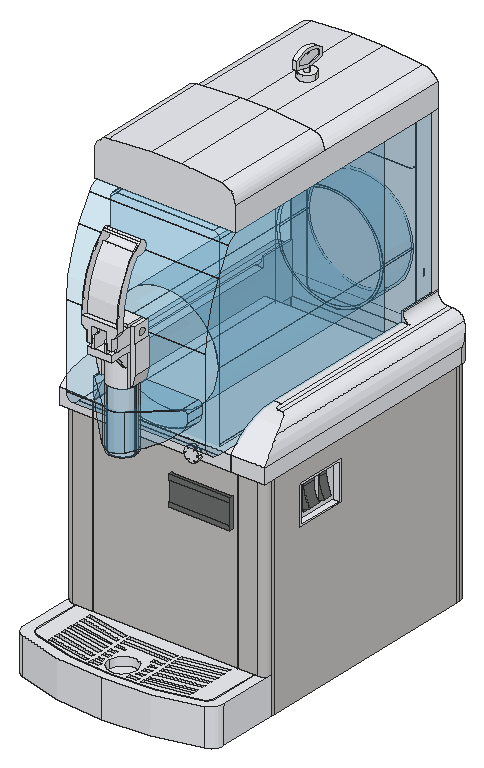
Revit family "QF_ELECTROLUXPROFESSIONAL_560102_SP1NewUK", category Specialty Equipment, Revit 2018
Family settings
  Round Connector Dimension = Use Diameter
  Part Type = Normal
  Work Plane-Based = No
  Always vertical = Yes
  Cut with Voids When Loaded = No
  Shared = No
  Room Calculation Point = No
Parameters (values of type "Standard")
  Weight = 28.00 kg
  Watts = 0 W
  Volts = 220 V
  URL Manufacturer = "http://professional.electrolux.com"
  URL = "http://professional.electrolux.com"
  Steam Supply Size = 0 mm
  Steam Supply Minimum Pressure = 0.0 Pa
  Steam Supply Maximum Pressure = 0.0 Pa
  Steam Pounds per Hour = 0
  Refrigeration Suction Line Size = 0 mm
  Refrigeration Liquid Line Size = 0 mm
  Refrigerant Compressor Remote = yes
  Manufacturer = "Electrolux Professional"
  Phase = 1
  Model = "SP1NewUK"
  Length Actual = 262 mm  # constant formula
  Item Number = "560102"
  Hot Water Size = 0 mm
  Height Actual = 613 mm  # constant formula
  HP = "0.4 HP"
  Gas Size = 0 mm
  Gas KW = 0
  Gas Input Pressure = 0 W
  Direct Waste Size = 0 mm
  Description = "1x5 LITERS BOWL - FROZEN GRANITA AND FROZEN CREAM DISPENSER -  1 INSULATED BOWL - UK"
  Depth Actual = 429 mm  # constant formula
  Cycle = 50 Hz
  Condensate Return Size = 0 mm
  Compressed Air Volume = 0.0 L/s
  Compressed Air Size = 0 mm
  Compressed Air Pressure = 0.0 Pa
  Cold Water Size = 0 mm
  Accessory = yes
Reference planes
  plane 1 "Center (Front/Back)": y = 0
  plane 2 "BASE": z = 0
  plane 3 "Center (Left/Right)": x = 0
  plane 4 "FEET": z = 14
  plane 5 "BACK": y = 212
  plane 6 "LEFT": x = -131
  plane 7 "RIGHT": x = 131
  plane 8: y = 169
  plane 9: y = -118.5
  plane 10 "Erogatore": through (0, -232.305, 334.252) normal (0, -0.5736, 0.8192)
  plane 11: y = -81
  plane 12 "BackButton": z = 362.798
  plane 13 "SlopeBack": through (0, 294.5, 470.764) normal (0, 0.9659, 0.2588)
  plane 14 "TOP": z = 640
  plane 15 "FRONT": y = -216
Forms (mm)
  Extrusion 1, solid, material "QF_Finishes_Rubber Black"
    sketch origin (-29, 0, 0) x (1, 0, 0) y (0, 1, 0)
      loop
        circle (-71, 169) r 12.5
    from 0 to 3
  Blend 2, solid
    base sketch origin (-29, 0, 0) x (1, 0, 0) y (0, 1, 0)
      loop
        circle (-71, 169) r 15.5
    top sketch origin (-29, 0, 0) x (1, 0, 0) y (0, 1, 0)
      loop
        circle (-71, 169) r 17
    from 3 to 14
  Extrusion 3, solid, material "QF_Finishes_Rubber Black"
    sketch origin (171, 0, 0) x (1, 0, 0) y (0, 1, 0)
      loop
        circle (-71, 169) r 12.5
    from 0 to 3
  Blend 4, solid
    base sketch origin (171, 0, 0) x (1, 0, 0) y (0, 1, 0)
      loop
        circle (-71, 169) r 15.5
    top sketch origin (171, 0, 0) x (1, 0, 0) y (0, 1, 0)
      loop
        circle (-71, 169) r 17
    from 3 to 14
  Extrusion 5, solid, material "QF_Finishes_Rubber Black"
    sketch origin (171, -267.5, 0) x (1, 0, 0) y (0, 1, 0)
      loop
        circle (-71, 186.5) r 12.5
    from 0 to 3
  Blend 6, solid
    base sketch origin (171, -267.5, 0) x (1, 0, 0) y (0, 1, 0)
      loop
        circle (-71, 186.5) r 15.5
    top sketch origin (171, -267.5, 0) x (1, 0, 0) y (0, 1, 0)
      loop
        circle (-71, 186.5) r 17
    from 3 to 14
  Extrusion 7, solid, material "QF_Finishes_Rubber Black"
    sketch origin (-29, -267.5, 0) x (1, 0, 0) y (0, 1, 0)
      loop
        circle (-71, 186.5) r 12.5
    from 0 to 3
  Blend 8, solid
    base sketch origin (-29, -267.5, 0) x (1, 0, 0) y (0, 1, 0)
      loop
        circle (-71, 186.5) r 15.5
    top sketch origin (-29, -267.5, 0) x (1, 0, 0) y (0, 1, 0)
      loop
        circle (-71, 186.5) r 17
    from 3 to 14
  Extrusion 9, solid, material "Glass"
    sketch origin (0, 212, 0) x (-1, 0, 0) y (0, 0, 1)
      loop
        circle (0, 394.542) r 65
      loop
        circle (0, 394.542) r 68
    from -59.276 to -10
  Extrusion 10, solid, material "QF_Finishes_White"
    sketch origin (0.189, -212, -123.048) x (-1, 0, 0) y (0, 0, 1)
      loop
        line (41.631, 426.74) -> (42.799, 423.85)
        arc (42.799, 423.85) -> (41.998, 423.46) -> (41.26, 422.962) r 6.382
        line (41.26, 422.962) -> (39.342, 425.418)
        arc (39.342, 425.418) -> (36.964, 422.682) -> (35.784, 419.255) r 9.498
        line (35.784, 419.255) -> (38.87, 418.821)
        arc (38.87, 418.821) -> (38.808, 417.933) -> (38.87, 417.045) r 6.382
        line (38.87, 417.045) -> (35.784, 416.611)
        arc (35.784, 416.611) -> (36.964, 413.184) -> (39.342, 410.449) r 9.498
        line (39.342, 410.449) -> (41.26, 412.904)
        arc (41.26, 412.904) -> (41.998, 412.406) -> (42.799, 412.016) r 6.382
        line (42.799, 412.016) -> (41.631, 409.127)
        arc (41.631, 409.127) -> (45.189, 408.435) -> (48.747, 409.127) r 9.498
        line (48.747, 409.127) -> (47.58, 412.016)
        arc (47.58, 412.016) -> (48.38, 412.406) -> (49.118, 412.904) r 6.382
        line (49.118, 412.904) -> (51.037, 410.449)
        arc (51.037, 410.449) -> (53.415, 413.184) -> (54.595, 416.611) r 9.498
        line (54.595, 416.611) -> (51.509, 417.045)
        arc (51.509, 417.045) -> (51.571, 417.933) -> (51.509, 418.821) r 6.382
        line (51.509, 418.821) -> (54.595, 419.255)
        arc (54.595, 419.255) -> (53.415, 422.682) -> (51.037, 425.418) r 9.498
        line (51.037, 425.418) -> (49.118, 422.962)
        arc (49.118, 422.962) -> (48.38, 423.46) -> (47.58, 423.85) r 6.382
        line (47.58, 423.85) -> (48.747, 426.74)
        arc (48.747, 426.74) -> (45.189, 427.431) -> (41.631, 426.74) r 9.498
    from 86.951 to 91.847
  Extrusion 11, solid, material "QF_Finishes_White"
    sketch origin (0, 48.357, 801) x (-1, 0, 0) y (0, -1, 0)
      loop
        circle (0, 226.958) r 15.5
    from -371.98 to -493
  Extrusion 12, solid, material "Glass"
    sketch origin (0, 48.357, 801) x (-1, 0, 0) y (0, -1, 0)
      loop
        circle (0, 226.958) r 18
      loop
        circle (0, 226.958) r 16
    from -413.102 to -493
  Extrusion 13, solid, material "QF_Finishes_White"
    sketch origin (0, 48.357, 801) x (-1, 0, 0) y (0, -1, 0)
      loop
        arc (-15.227, 216.452) -> (0, 208.458) -> (15.227, 216.452) r 18.5
        line (15.227, 216.452) -> (15.227, 237.464)
        arc (15.227, 237.464) -> (0, 245.458) -> (-15.227, 237.464) r 18.5
        line (-15.227, 237.464) -> (-15.227, 216.452)
    from -371.98 to -413.102
  Extrusion 14, solid, material "QF_Finishes_White"
    sketch origin (0, 55.382, 805.556) x (-1, 0, 0) y (0, -1, 0)
      loop
        line (15.227, 271.382) -> (-15.227, 271.382) -> (-15.227, 213.658) -> (15.227, 213.658) -> (15.227, 271.382)
    from -368.017 to -376.536
  Extrusion 15, solid, material "QF_Finishes_White"
    sketch origin (0, 53.382, -125.444) x (0, 1, 0) y (0, 0, 1)
      loop
        line (-261.382, 594.51) -> (-261.382, 596.294)
        arc (-261.382, 596.294) -> (-255.05, 633.384) -> (-236.771, 666.272) r 111.793
        arc (-236.771, 666.272) -> (-224.219, 671.737) -> (-234.339, 680.956) r 8.155
        arc (-234.339, 680.956) -> (-260.275, 642.108) -> (-269.382, 596.294) r 119.793
        line (-269.382, 596.294) -> (-269.382, 594.51) -> (-261.382, 594.51)
    from 23.02 to -23.02
  Extrusion 16, void
    sketch origin (0, -212, -130.102) x (-1, 0, 0) y (0, 0, 1)
      loop
        line (-23.02, 594.51) -> (-23.02, 567.641) -> (-15.227, 567.641) -> (-15.227, 586.659)
        arc (-15.227, 586.659) -> (-20.449, 589.269) -> (-23.02, 594.51) r 9.122
      loop
        arc (23.02, 594.51) -> (20.449, 589.269) -> (15.227, 586.659) r 9.122
        line (15.227, 586.659) -> (15.227, 567.641) -> (23.02, 567.641) -> (23.02, 594.51)
      loop
        line (-10.018, 592.641) -> (-10.018, 567.641) -> (9.982, 567.641) -> (9.982, 592.641) -> (-10.018, 592.641)
    from 4 to -4
  Extrusion 17, void
    sketch origin (0, 53.382, -125.444) x (0, 1, 0) y (0, 0, 1)
      loop
        arc (-238.506, 676.569) -> (-261.397, 639.298) -> (-269.382, 596.294) r 119.793
        line (-269.382, 596.294) -> (-262.382, 596.294)
        arc (-262.382, 596.294) -> (-255.831, 634.173) -> (-236.94, 667.653) r 112.793
        arc (-236.94, 667.653) -> (-225.218, 674.307) -> (-238.506, 676.569) r 7.155
    from 22 to -22
  Extrusion 18, solid, material "QF_Finishes_White"
    sketch origin (-131, 53.382, -125.444) x (0, 1, 0) y (0, 0, 1)
      loop
        line (-261.382, 596.294) -> (-269.382, 596.294) -> (-269.382, 567.641) -> (-261.382, 567.641) -> (-261.382, 596.294)
    from 154.02 to 107.98
  Extrusion 19, solid, material "QF_Finishes_White"
    sketch origin (-131, 55.382, -130.102) x (0, 1, 0) y (0, 0, 1)
      loop
        line (-263.382, 567.641) -> (-223.382, 567.641) -> (-223.382, 587.641) -> (-256.513, 587.641)
        arc (-256.513, 587.641) -> (-261.37, 589.653) -> (-263.382, 594.51) r 6.869
        line (-263.382, 594.51) -> (-263.382, 567.641)
    from 115.773 to 107.98
  Extrusion 20, solid, material "QF_Finishes_White"
    sketch origin (-131, 55.382, -130.102) x (0, 1, 0) y (0, 0, 1)
      loop
        line (-263.382, 567.641) -> (-224.483, 567.641) -> (-224.483, 587.641) -> (-256.513, 587.641)
        arc (-256.513, 587.641) -> (-261.37, 589.653) -> (-263.382, 594.51) r 6.869
        line (-263.382, 594.51) -> (-263.382, 567.641)
    from 115.773 to 121.018
  Extrusion 21, solid, material "QF_Finishes_White"
    sketch origin (-131, 55.382, -125.444) x (0, 1, 0) y (0, 0, 1)
      loop
        line (-248.575, 539.464) -> (-246.902, 539.464) -> (-246.902, 554.464) -> (-261.615, 554.464) -> (-248.575, 539.464)
    from 115.773 to 118.85
  Extrusion 22, solid, material "QF_Finishes_White"
    sketch origin (-131, 55.382, -125.444) x (0, 1, 0) y (0, 0, 1)
      loop
        line (-246.902, 554.464) -> (-261.615, 554.464) -> (-248.575, 539.464) -> (-246.902, 539.464) -> (-246.902, 554.464)
    from 143.221 to 146.227
  Extrusion 23, solid, material "QF_Finishes_White"
    sketch origin (-131, 55.382, -125.444) x (0, 1, 0) y (0, 0, 1)
      loop
        line (-263.382, 562.983) -> (-224.483, 562.983) -> (-224.483, 582.983) -> (-256.513, 582.983)
        arc (-256.513, 582.983) -> (-261.37, 584.995) -> (-263.382, 589.852) r 6.869
        line (-263.382, 589.852) -> (-263.382, 562.983)
    from 141.018 to 146.227
  Extrusion 24, solid, material "QF_Finishes_White"
    sketch origin (-131, 53.382, -130.102) x (0, 1, 0) y (0, 0, 1)
      loop
        line (-269.382, 567.641) -> (-221.382, 567.641) -> (-221.382, 586.659) -> (-258.382, 586.659)
        arc (-258.382, 586.659) -> (-260.503, 585.78) -> (-261.382, 583.659) r 3
        line (-261.382, 583.659) -> (-261.382, 582.15) -> (-266.382, 582.15)
        arc (-266.382, 582.15) -> (-268.503, 581.271) -> (-269.382, 579.15) r 3
        line (-269.382, 579.15) -> (-269.382, 567.641)
    from 124.546 to 121.018
  Extrusion 25, solid, material "QF_Finishes_White"
    sketch origin (-131, 65.803, -125.444) x (0, 1, 0) y (0, 0, 1)
      loop
        line (-281.803, 562.983) -> (-234.904, 562.983) -> (-234.904, 582.001) -> (-270.803, 582.001)
        arc (-270.803, 582.001) -> (-272.924, 581.122) -> (-273.803, 579.001) r 3
        line (-273.803, 579.001) -> (-273.803, 577.492) -> (-278.803, 577.492)
        arc (-278.803, 577.492) -> (-280.924, 576.613) -> (-281.803, 574.492) r 3
        line (-281.803, 574.492) -> (-281.803, 562.983)
    from 137.49 to 141.018
  Extrusion 26, solid, material "QF_Finishes_White"
    sketch origin (0, -212, -125.444) x (-1, 0, 0) y (0, 0, 1)
      loop
        line (-18, 517.898) -> (-18, 586.659) -> (-23.482, 586.659) -> (-23.482, 567.641) -> (-24.969, 567.641) -> (-24.969, 530.88) -> (-21, 517.898) -> (-18, 517.898)
      loop
        line (18, 517.898) -> (21, 517.898) -> (24.969, 530.88) -> (24.969, 567.641) -> (23.482, 567.641) -> (23.482, 586.659) -> (18, 586.659) -> (18, 517.898)
    from 43.905 to 22.893
  Extrusion 27, solid, material "QF_Finishes_White"
    sketch origin (0, 65.803, 805.556) x (-1, 0, 0) y (0, -1, 0)
      loop
        line (-15.227, 254.91) -> (-15.227, 233.898) -> (15.227, 233.898) -> (15.227, 254.91) -> (-15.227, 254.91)
    from -344.341 to -348.017
  Extrusion 28, void
    sketch origin (0, 56.778, -130) x (0, 1, 0) y (0, 0, 1)
      loop
        circle (-234.353, 582.005) r 3.978
    from 24.969 to -24.969
  Extrusion 29, solid, material "QF_Finishes_Stainless Steel"
    sketch origin (0, 56.226, -130) x (0, 1, 0) y (0, 0, 1)
      loop
        circle (-234.353, 582.005) r 3.978
    from 24 to -24
  Extrusion 30, solid, material "QF_Finishes_Stainless Steel"
    sketch origin (140, 25, 14) x (-1, 0, 0) y (0, -1, 0)
      loop
        circle (71, 81) r 10
    from 0 to -10
  Extrusion 31, void
    sketch origin (0, 240.916, -140) x (0, 0, 1) y (-1, 0, 0)
      loop
        line (496.312, -81.169) -> (519.521, -81.169)
        arc (519.521, -81.169) -> (523.021, -77.669) -> (519.521, -74.169) r 3.5
        line (519.521, -74.169) -> (496.312, -74.169)
        arc (496.312, -74.169) -> (492.812, -77.669) -> (496.312, -81.169) r 3.5
    from 28.916 to 38.079
  Extrusion 32, solid, material "QF_Finishes_Red"
    sketch origin (0, 240.916, -140) x (0, 0, 1) y (-1, 0, 0)
      loop
        line (507.945, -79.669) -> (517.521, -79.669) -> (517.521, -75.669) -> (507.945, -75.669) -> (507.945, -79.669)
    from 32.664 to 38.079
  Extrusion 33, solid, material "QF_Finishes_Stainless Steel"
    sketch origin (131, 0, 0) x (0, -1, 0) y (0, 0, 1)
      loop
        line (-195.256, 14) -> (96.764, 14) -> (96.764, 286) -> (-195.256, 286) -> (-195.256, 14)
      loop
        line (55.71, 260.287) -> (-9.29, 260.287) -> (-9.29, 210.287) -> (55.71, 210.287) -> (55.71, 260.287)
    from 6 to 3
  Extrusion 34, solid, material "QF_Finishes_Stainless Steel"
    sketch origin (-133, 0, 0) x (0, -1, 0) y (0, 0, -1)
      loop
        line (-195.256, -14) -> (-195.256, -286) -> (96.764, -286) -> (96.764, -14) -> (-195.256, -14)
    from 8 to 5
  Extrusion 35, solid, material "QF_Finishes_Stainless Steel"
    sketch origin (0, 0, 14) x (-1, 0, 0) y (0, -1, 0)
      loop
        line (-128, 100.829) -> (-128, 96.764) -> (-125, 96.764) -> (-125, 100.829)
        arc (-125, 100.829) -> (-122.95, 105.778) -> (-118, 107.829) r 7
        line (-118, 107.829) -> (-93.157, 107.829) -> (-93.157, 110.829) -> (-118, 110.829)
        arc (-118, 110.829) -> (-125.071, 107.9) -> (-128, 100.829) r 10
    from 0 to 272
  Extrusion 36, solid, material "QF_Finishes_Stainless Steel"
    sketch origin (0, 0, 14) x (1, 0, 0) y (0, 1, 0)
      loop
        arc (-128, -100.829) -> (-125.071, -107.9) -> (-118, -110.829) r 10
        line (-118, -110.829) -> (-93.157, -110.829) -> (-93.157, -107.829) -> (-118, -107.829)
        arc (-118, -107.829) -> (-122.95, -105.778) -> (-125, -100.829) r 7
        line (-125, -100.829) -> (-125, -96.764) -> (-128, -96.764) -> (-128, -100.829)
    from 0 to 272
  Extrusion 37, solid, material "QF_Finishes_Stainless Steel"
    sketch origin (0, 98.492, 14) x (-1, 0, 0) y (0, -1, 0)
      loop
        arc (-128, -100.829) -> (-125.071, -107.9) -> (-118, -110.829) r 10
        line (-118, -110.829) -> (-93.157, -110.829) -> (-93.157, -107.829) -> (-118, -107.829)
        arc (-118, -107.829) -> (-122.95, -105.778) -> (-125, -100.829) r 7
        line (-125, -100.829) -> (-125, -96.764) -> (-128, -96.764) -> (-128, -100.829)
    from 0 to 272
  Extrusion 38, solid, material "QF_Finishes_Stainless Steel"
    sketch origin (0, 98.492, 14) x (1, 0, 0) y (0, 1, 0)
      loop
        line (-128, 100.829) -> (-128, 96.764) -> (-125, 96.764) -> (-125, 100.829)
        arc (-125, 100.829) -> (-122.95, 105.778) -> (-118, 107.829) r 7
        line (-118, 107.829) -> (-93.157, 107.829) -> (-93.157, 110.829) -> (-118, 110.829)
        arc (-118, 110.829) -> (-125.071, 107.9) -> (-128, 100.829) r 10
    from 0 to 272
  Extrusion 39, solid, material "QF_Finishes_White"
    sketch origin (0, 0, 14) x (-1, 0, 0) y (0, -1, 0)
      loop
        line (93.157, -209.321) -> (93.157, -206.321) -> (-93.157, -206.321) -> (-93.157, -209.321) -> (93.157, -209.321)
    from 0 to 272
  Extrusion 40, solid, material "QF_Finishes_Stainless Steel"
    sketch origin (0, 0, 14) x (-1, 0, 0) y (0, -1, 0)
      loop
        line (93.157, 107.829) -> (93.157, 110.829) -> (-93.157, 110.829) -> (-93.157, 107.829) -> (93.157, 107.829)
    from 0 to 272
  Extrusion 41, solid, material "QF_Finishes_White"
    sketch origin (0, 212, 0) x (-1, 0, 0) y (0, 0, 1)
      loop
        line (-88, 286) -> (-88, 351) -> (-90.028, 351) -> (-90.028, 349.598)
        arc (-90.028, 349.598) -> (-93.627, 340.909) -> (-102.317, 337.309) r 12.289
        line (-102.317, 337.309) -> (-109.296, 337.309)
        arc (-109.296, 337.309) -> (-117.695, 334.961) -> (-123.658, 328.597) r 16.194
        arc (-123.658, 328.597) -> (-129.118, 317.88) -> (-131, 306) r 38.445
        line (-131, 306) -> (-131, 286) -> (-88, 286)
      loop
        line (88, 286) -> (131, 286) -> (131, 306)
        arc (131, 306) -> (129.118, 317.88) -> (123.658, 328.597) r 38.445
        arc (123.658, 328.597) -> (117.695, 334.961) -> (109.296, 337.309) r 16.194
        line (109.296, 337.309) -> (102.317, 337.309)
        arc (102.317, 337.309) -> (93.627, 340.909) -> (90.028, 349.598) r 12.289
        line (90.028, 349.598) -> (90.028, 351) -> (88, 351) -> (88, 286)
    from 0 to -327.977
  Extrusion 42, void
    sketch origin (0, 0, 0) x (0, 1, 0) y (0, 0, 1)
      loop
        line (157, 351) -> (-115.977, 351) -> (-115.977, 306)
        arc (-115.977, 306) -> (-85.566, 329.6) -> (-48, 338) r 88.201
        line (-48, 338) -> (157, 338) -> (157, 351)
    from -135 to 135
  Extrusion 43, solid, material "Glass"
    sketch origin (0, 212, 0) x (-1, 0, 0) y (0, 0, 1)
      loop
        circle (0, 394.542) r 68
      loop
        line (69.972, 309) -> (69.972, 543)
        arc (69.972, 543) -> (67.629, 548.657) -> (61.972, 551) r 8
        line (61.972, 551) -> (-62.028, 551)
        arc (-62.028, 551) -> (-67.685, 548.657) -> (-70.028, 543) r 8
        line (-70.028, 543) -> (-70.028, 308.956)
        arc (-70.028, 308.956) -> (-67.698, 303.33) -> (-62.072, 301) r 7.956
        line (-62.072, 301) -> (61.972, 301)
        arc (61.972, 301) -> (67.629, 303.343) -> (69.972, 309) r 8
    from -59.276 to -322.829
  Extrusion 44, solid, material "QF_Finishes_White"
    sketch origin (0, 212, 0) x (-1, 0, 0) y (0, 0, 1)
      loop
        line (90.028, 558.048) -> (90.028, 589.456)
        arc (90.028, 589.456) -> (84.981, 602.738) -> (72.387, 609.316) r 20
        arc (72.387, 609.316) -> (44.744, 611.967) -> (17.01, 613.364) r 613.713
        arc (17.01, 613.364) -> (-1.88, 613.597) -> (-20.769, 613.248) r 613.713
        arc (-20.769, 613.248) -> (-46.619, 611.827) -> (-72.387, 609.316) r 613.713
        arc (-72.387, 609.316) -> (-84.981, 602.738) -> (-90.028, 589.456) r 20
        line (-90.028, 589.456) -> (-90.028, 558.048) -> (90.028, 558.048)
    from -323 to 0
  Extrusion 45, solid, material "QF_Finishes_White"
    sketch origin (0, -212, 0) x (-1, 0, 0) y (0, 0, 1)
      loop
        line (88, 306) -> (-88, 306) -> (-88, 286) -> (88, 286) -> (88, 306)
    from 96.023 to 369
  Extrusion 46, solid, material "QF_Finishes_White"
    sketch origin (-0.189, -212, -123.048) x (1, 0, 0) y (0, 0, -1)
      loop
        arc (41.631, -426.74) -> (45.189, -427.431) -> (48.747, -426.74) r 9.498
        line (48.747, -426.74) -> (47.58, -423.85)
        arc (47.58, -423.85) -> (48.38, -423.46) -> (49.118, -422.962) r 6.382
        line (49.118, -422.962) -> (51.037, -425.418)
        arc (51.037, -425.418) -> (53.415, -422.682) -> (54.595, -419.255) r 9.498
        line (54.595, -419.255) -> (51.509, -418.821)
        arc (51.509, -418.821) -> (51.571, -417.933) -> (51.509, -417.045) r 6.382
        line (51.509, -417.045) -> (54.595, -416.611)
        arc (54.595, -416.611) -> (53.415, -413.184) -> (51.037, -410.449) r 9.498
        line (51.037, -410.449) -> (49.118, -412.904)
        arc (49.118, -412.904) -> (48.38, -412.406) -> (47.58, -412.016) r 6.382
        line (47.58, -412.016) -> (48.747, -409.127)
        arc (48.747, -409.127) -> (45.189, -408.435) -> (41.631, -409.127) r 9.498
        line (41.631, -409.127) -> (42.799, -412.016)
        arc (42.799, -412.016) -> (41.998, -412.406) -> (41.26, -412.904) r 6.382
        line (41.26, -412.904) -> (39.342, -410.449)
        arc (39.342, -410.449) -> (36.964, -413.184) -> (35.784, -416.611) r 9.498
        line (35.784, -416.611) -> (38.87, -417.045)
        arc (38.87, -417.045) -> (38.808, -417.933) -> (38.87, -418.821) r 6.382
        line (38.87, -418.821) -> (35.784, -419.255)
        arc (35.784, -419.255) -> (36.964, -422.682) -> (39.342, -425.418) r 9.498
        line (39.342, -425.418) -> (41.26, -422.962)
        arc (41.26, -422.962) -> (41.998, -423.46) -> (42.799, -423.85) r 6.382
        line (42.799, -423.85) -> (41.631, -426.74)
    from 86.951 to 91.847
  Extrusion 47, solid, material "QF_Finishes_Rubber Black"
    sketch origin (0, 0, 0) x (0, 1, 0) y (0, 0, 1)
      loop
        line (-110.829, 255.595) -> (-115.977, 255.595) -> (-115.977, 249.595) -> (-115.179, 249.595) -> (-115.179, 223.805) -> (-115.977, 223.805) -> (-115.977, 217.805) -> (-110.829, 217.805) -> (-110.829, 255.595)
    from 8.945 to 86.168
  Extrusion 48, solid, material "QF_Finishes_White"
    sketch origin (0, 0, 14) x (-1, 0, 0) y (0, -1, 0)
      loop
        line (128, 100.829) -> (128, 176.764)
        arc (128, 176.764) -> (124.847, 186.764) -> (116.528, 193.147) r 17.434
        arc (116.528, 193.147) -> (59.156, 208.086) -> (0, 212) r 314.7
        arc (0, 212) -> (-59.156, 208.086) -> (-116.528, 193.147) r 314.7
        arc (-116.528, 193.147) -> (-124.847, 186.764) -> (-128, 176.764) r 17.434
        line (-128, 176.764) -> (-128, 100.829)
        arc (-128, 100.829) -> (-125.071, 107.9) -> (-118, 110.829) r 10
        line (-118, 110.829) -> (-114, 110.829) -> (-114, 172.813)
        arc (-114, 172.813) -> (-111.75, 179.808) -> (-105.843, 184.18) r 12
        arc (-105.843, 184.18) -> (-53.626, 196.802) -> (0, 199.995) r 302.7
        arc (0, 199.995) -> (53.626, 196.802) -> (105.843, 184.18) r 302.7
        arc (105.843, 184.18) -> (111.75, 179.808) -> (114, 172.813) r 12
        line (114, 172.813) -> (114, 110.829) -> (118, 110.829)
        arc (118, 110.829) -> (125.071, 107.9) -> (128, 100.829) r 10
    from 0 to 47
  Extrusion 49, solid, material "QF_Finishes_White"
    sketch origin (0, 0, 14) x (-1, 0, 0) y (0, -1, 0)
      loop
        arc (114, 172.813) -> (111.75, 179.808) -> (105.843, 184.18) r 12
        arc (105.843, 184.18) -> (53.626, 196.802) -> (0, 199.995) r 302.7
        arc (0, 199.995) -> (-53.626, 196.802) -> (-105.843, 184.18) r 302.7
        arc (-105.843, 184.18) -> (-111.75, 179.808) -> (-114, 172.813) r 12
        line (-114, 172.813) -> (-114, 110.829) -> (114, 110.829) -> (114, 172.813)
    from 36.6 to 47
  Extrusion 50, solid, material "QF_Finishes_White"
    sketch origin (0, 0, 14) x (-1, 0, 0) y (0, -1, 0)
      loop
        arc (114, 172.813) -> (111.75, 179.808) -> (105.843, 184.18) r 12
        arc (105.843, 184.18) -> (53.626, 196.802) -> (0, 199.995) r 302.7
        arc (0, 199.995) -> (-53.626, 196.802) -> (-105.843, 184.18) r 302.7
        arc (-105.843, 184.18) -> (-111.75, 179.808) -> (-114, 172.813) r 12
        line (-114, 172.813) -> (-114, 110.829) -> (114, 110.829) -> (114, 172.813)
    from 0 to 10
  Extrusion 51, void
    sketch origin (0, 0, 14) x (-1, 0, 0) y (0, -1, 0)
      loop
        circle (0, 178.601) r 18.039
      loop
        line (35.093, 193.971) -> (35.093, 188.951)
        arc (35.093, 188.951) -> (62.934, 185.094) -> (90.277, 178.584) r 292.7
        line (90.277, 178.584) -> (90.277, 183.786)
        arc (90.277, 183.786) -> (62.925, 190.182) -> (35.093, 193.971) r 297.7
      loop
        line (35.093, 183.971) -> (35.093, 178.951)
        arc (35.093, 178.951) -> (62.934, 175.094) -> (90.277, 168.584) r 292.7
        line (90.277, 168.584) -> (90.277, 173.786)
        arc (90.277, 173.786) -> (62.925, 180.182) -> (35.093, 183.971) r 297.7
      loop
        line (35.093, 173.971) -> (35.093, 168.951)
        arc (35.093, 168.951) -> (62.934, 165.094) -> (90.277, 158.584) r 292.7
        line (90.277, 158.584) -> (90.277, 163.786)
        arc (90.277, 163.786) -> (62.925, 170.182) -> (35.093, 173.971) r 297.7
      loop
        line (35.093, 163.971) -> (35.093, 158.951)
        arc (35.093, 158.951) -> (62.934, 155.094) -> (90.277, 148.584) r 292.7
        line (90.277, 148.584) -> (90.277, 153.786)
        arc (90.277, 153.786) -> (62.925, 160.182) -> (35.093, 163.971) r 297.7
      loop
        line (35.093, 153.971) -> (35.093, 148.951)
        arc (35.093, 148.951) -> (62.934, 145.094) -> (90.277, 138.584) r 292.7
        line (90.277, 138.584) -> (90.277, 143.786)
        arc (90.277, 143.786) -> (62.925, 150.182) -> (35.093, 153.971) r 297.7
      loop
        line (35.093, 143.971) -> (35.093, 138.951)
        arc (35.093, 138.951) -> (62.934, 135.094) -> (90.277, 128.584) r 292.7
        line (90.277, 128.584) -> (90.277, 133.786)
        arc (90.277, 133.786) -> (62.925, 140.182) -> (35.093, 143.971) r 297.7
      loop
        line (35.093, 133.971) -> (35.093, 128.951)
        arc (35.093, 128.951) -> (62.934, 125.094) -> (90.277, 118.584) r 292.7
        line (90.277, 118.584) -> (90.277, 123.786)
        arc (90.277, 123.786) -> (62.925, 130.182) -> (35.093, 133.971) r 297.7
      loop
        arc (-35.093, 193.971) -> (-62.925, 190.182) -> (-90.277, 183.786) r 297.7
        line (-90.277, 183.786) -> (-90.277, 178.584)
        arc (-90.277, 178.584) -> (-62.934, 185.094) -> (-35.093, 188.951) r 292.7
        line (-35.093, 188.951) -> (-35.093, 193.971)
      loop
        arc (-35.093, 183.971) -> (-62.925, 180.182) -> (-90.277, 173.786) r 297.7
        line (-90.277, 173.786) -> (-90.277, 168.584)
        arc (-90.277, 168.584) -> (-62.934, 175.094) -> (-35.093, 178.951) r 292.7
        line (-35.093, 178.951) -> (-35.093, 183.971)
      loop
        arc (-35.093, 173.971) -> (-62.925, 170.182) -> (-90.277, 163.786) r 297.7
        line (-90.277, 163.786) -> (-90.277, 158.584)
        arc (-90.277, 158.584) -> (-62.934, 165.094) -> (-35.093, 168.951) r 292.7
        line (-35.093, 168.951) -> (-35.093, 173.971)
      loop
        arc (-35.093, 163.971) -> (-62.925, 160.182) -> (-90.277, 153.786) r 297.7
        line (-90.277, 153.786) -> (-90.277, 148.584)
        arc (-90.277, 148.584) -> (-62.934, 155.094) -> (-35.093, 158.951) r 292.7
        line (-35.093, 158.951) -> (-35.093, 163.971)
      loop
        arc (-35.093, 153.971) -> (-62.925, 150.182) -> (-90.277, 143.786) r 297.7
        line (-90.277, 143.786) -> (-90.277, 138.584)
        arc (-90.277, 138.584) -> (-62.934, 145.094) -> (-35.093, 148.951) r 292.7
        line (-35.093, 148.951) -> (-35.093, 153.971)
      loop
        arc (-35.093, 143.971) -> (-62.925, 140.182) -> (-90.277, 133.786) r 297.7
        line (-90.277, 133.786) -> (-90.277, 128.584)
        arc (-90.277, 128.584) -> (-62.934, 135.094) -> (-35.093, 138.951) r 292.7
        line (-35.093, 138.951) -> (-35.093, 143.971)
      loop
        arc (-35.093, 133.971) -> (-62.925, 130.182) -> (-90.277, 123.786) r 297.7
        line (-90.277, 123.786) -> (-90.277, 118.584)
        arc (-90.277, 118.584) -> (-62.934, 125.094) -> (-35.093, 128.951) r 292.7
        line (-35.093, 128.951) -> (-35.093, 133.971)
      loop
        arc (30.3, 194.288) -> (24.151, 194.546) -> (18, 194.745) r 649.216
        line (18, 194.745) -> (18, 189.743)
        arc (18, 189.743) -> (24.151, 189.542) -> (30.3, 189.282) r 644.216
        line (30.3, 189.282) -> (30.3, 194.288)
      loop
        line (-30.3, 194.288) -> (-30.3, 189.282)
        arc (-30.3, 189.282) -> (-24.151, 189.542) -> (-18, 189.743) r 644.216
        line (-18, 189.743) -> (-18, 194.745)
        arc (-18, 194.745) -> (-24.151, 194.546) -> (-30.3, 194.288) r 649.216
      loop
        arc (30.3, 184.288) -> (25.651, 184.488) -> (21, 184.655) r 649.216
        line (21, 184.655) -> (21, 179.653)
        arc (21, 179.653) -> (25.651, 179.484) -> (30.3, 179.282) r 644.216
        line (30.3, 179.282) -> (30.3, 184.288)
      loop
        arc (30.3, 174.288) -> (25.651, 174.488) -> (21, 174.655) r 649.216
        line (21, 174.655) -> (21, 169.653)
        arc (21, 169.653) -> (25.651, 169.484) -> (30.3, 169.282) r 644.216
        line (30.3, 169.282) -> (30.3, 174.288)
      loop
        arc (30.3, 164.288) -> (25.651, 164.488) -> (21, 164.655) r 649.216
        line (21, 164.655) -> (21, 159.653)
        arc (21, 159.653) -> (25.651, 159.484) -> (30.3, 159.282) r 644.216
        line (30.3, 159.282) -> (30.3, 164.288)
      loop
        arc (30.3, 154.288) -> (23.411, 154.573) -> (16.519, 154.785) r 649.216
        line (16.519, 154.785) -> (16.519, 149.783)
        arc (16.519, 149.783) -> (23.411, 149.569) -> (30.3, 149.282) r 644.216
        line (30.3, 149.282) -> (30.3, 154.288)
      loop
        arc (30.3, 144.288) -> (0, 144.995) -> (-30.3, 144.288) r 649.216
        line (-30.3, 144.288) -> (-30.3, 139.282)
        arc (-30.3, 139.282) -> (0, 139.995) -> (30.3, 139.282) r 644.216
        line (30.3, 139.282) -> (30.3, 144.288)
      loop
        arc (30.3, 134.288) -> (0, 134.995) -> (-30.3, 134.288) r 649.216
        line (-30.3, 134.288) -> (-30.3, 129.282)
        arc (-30.3, 129.282) -> (0, 129.995) -> (30.3, 129.282) r 644.216
        line (30.3, 129.282) -> (30.3, 134.288)
      loop
        line (-30.3, 184.288) -> (-30.3, 179.282)
        arc (-30.3, 179.282) -> (-25.651, 179.484) -> (-21, 179.653) r 644.216
        line (-21, 179.653) -> (-21, 184.655)
        arc (-21, 184.655) -> (-25.651, 184.488) -> (-30.3, 184.288) r 649.216
      loop
        line (-30.3, 174.288) -> (-30.3, 169.282)
        arc (-30.3, 169.282) -> (-25.651, 169.484) -> (-21, 169.653) r 644.216
        line (-21, 169.653) -> (-21, 174.655)
        arc (-21, 174.655) -> (-25.651, 174.488) -> (-30.3, 174.288) r 649.216
      loop
        line (-30.3, 164.288) -> (-30.3, 159.282)
        arc (-30.3, 159.282) -> (-25.651, 159.484) -> (-21, 159.653) r 644.216
        line (-21, 159.653) -> (-21, 164.655)
        arc (-21, 164.655) -> (-25.651, 164.488) -> (-30.3, 164.288) r 649.216
      loop
        line (-30.3, 154.288) -> (-30.3, 149.282)
        arc (-30.3, 149.282) -> (-23.411, 149.569) -> (-16.519, 149.783) r 644.216
        line (-16.519, 149.783) -> (-16.519, 154.785)
        arc (-16.519, 154.785) -> (-23.411, 154.573) -> (-30.3, 154.288) r 649.216
    from 31.525 to 49.806
  Extrusion 52, solid, material "QF_Finishes_White"
    sketch origin (0, 0, 0) x (0, 1, 0) y (0, 0, 1)
      loop
        line (-55.71, 260.287) -> (-55.71, 210.287) -> (9.29, 210.287) -> (9.29, 260.287) -> (-55.71, 260.287)
    from 118 to 128
  Extrusion 53, void
    sketch origin (0, 0, 0) x (0, 1, 0) y (0, 0, 1)
      loop
        line (-53.71, 258.287) -> (-53.71, 212.287) -> (7.29, 212.287) -> (7.29, 258.287) -> (-53.71, 258.287)
    from 120 to 128
  Extrusion 54, solid, material "QF_Finishes_Rubber Black"
    sketch origin (0, -212, 0) x (-1, 0, 0) y (0, 0, 1)
      loop
        line (-120, 252.561) -> (-122.245, 252.561) -> (-122.245, 249.661)
        arc (-122.245, 249.661) -> (-124.002, 237.136) -> (-129.137, 225.577) r 45.529
        line (-129.137, 225.577) -> (-122.245, 222.509) -> (-122.245, 220.4) -> (-120, 220.4) -> (-120, 252.561)
    from 185 to 170
  Extrusion 55, solid, material "QF_Finishes_Rubber Black"
    sketch origin (0, -212, 0) x (-1, 0, 0) y (0, 0, 1)
      loop
        line (-120, 252.561) -> (-122.245, 252.561) -> (-122.245, 249.661)
        arc (-122.245, 249.661) -> (-124.002, 237.136) -> (-129.137, 225.577) r 45.529
        line (-129.137, 225.577) -> (-122.245, 222.509) -> (-122.245, 220.4) -> (-120, 220.4) -> (-120, 252.561)
    from 205 to 195
  Extrusion 56, solid, material "QF_Finishes_White"
    sketch origin (-131, 55.382, -125.444) x (0, 1, 0) y (0, 0, 1)
      loop
        line (-261.615, 554.464) -> (-248.575, 539.464) -> (-246.902, 539.464) -> (-246.902, 554.464) -> (-261.615, 554.464)
    from 143.221 to 146.227
  Extrusion 57, void
    sketch origin (0, 0, 14) x (-1, 0, 0) y (0, -1, 0)
      loop
        line (68.799, 141.983) -> (68.799, 216) -> (-68.799, 216) -> (-68.799, 141.983) -> (-14.053, 193.527)
        arc (-14.053, 193.527) -> (0, 199.101) -> (14.053, 193.527) r 20.5
        line (14.053, 193.527) -> (68.799, 141.983)
    from 285.914 to 353.792
  Extrusion 58, solid, material "Glass"
    sketch origin (0, -212, 0) x (-1, 0, 0) y (0, 0, 1)
      loop
        line (55, 361.368) -> (-55, 361.368)
        arc (-55, 361.368) -> (-58.536, 359.903) -> (-60, 356.368) r 5
        line (-60, 356.368) -> (-60, 346.588)
        arc (-60, 346.588) -> (-58.765, 340.628) -> (-55.264, 335.649) r 15
        arc (-55.264, 335.649) -> (0, 313.78) -> (55.264, 335.649) r 80.762
        arc (55.264, 335.649) -> (58.765, 340.628) -> (60, 346.588) r 15
        line (60, 346.588) -> (60, 356.368)
        arc (60, 356.368) -> (58.536, 359.903) -> (55, 361.368) r 5
    from 85.6 to 6.421
  Extrusion 59, solid, material "QF_Finishes_White"
    sketch origin (0.031, 16.704, -263) x (0, 1, 0) y (0, 0, 1)
      loop
        line (99.092, 881.377) -> (118.655, 885.535) -> (118.655, 895.535)
        arc (118.655, 895.535) -> (99.092, 903) -> (79.529, 895.535) r 29.367
        line (79.529, 895.535) -> (79.529, 885.535) -> (99.092, 881.377)
      loop
        arc (115.655, 894.149) -> (99.092, 900) -> (82.529, 894.149) r 26.367
        line (82.529, 894.149) -> (82.529, 887.965) -> (99.092, 884.444) -> (115.655, 887.965) -> (115.655, 894.149)
    from -3 to 3
  Extrusion 60, solid, material "QF_Finishes_White"
    sketch origin (0.031, 16.704, -263) x (0, 1, 0) y (0, 0, 1)
      loop
        line (115.655, 887.965) -> (115.655, 894.149)
        arc (115.655, 894.149) -> (99.092, 900) -> (82.529, 894.149) r 26.367
        line (82.529, 894.149) -> (82.529, 887.965) -> (99.092, 884.444) -> (115.655, 887.965)
      loop
        circle (99.092, 896.274) r 2.509
    from 1 to -1
  Extrusion 61, solid, material "QF_Finishes_White"
    sketch origin (0.031, 16.704, 667) x (-1, 0, 0) y (0, -1, 0)
      loop
        circle (0, -99.092) r 3
    from -45.737 to -54.525
  Extrusion 62, solid, material "QF_Finishes_White"
    sketch origin (0, -70, 0) x (1, 0, 0) y (0, 1, 0)
      loop
        circle (0.031, 185.796) r 11
    from 606 to 613
  Extrusion 63, solid, material "QF_Clearances", detail levels coarse
    sketch origin (-99.19, 2.341, 0) x (1, 0, 0) y (0, 1, 0)
      loop
        line (-31.81, -218.341) -> (-31.81, 209.659) -> (230.19, 209.659) -> (230.19, -218.341) -> (430.19, -218.341) -> (430.19, 409.659) -> (-231.81, 409.659) -> (-231.81, -218.341) -> (-31.81, -218.341)
    from 0 to 640
  Extrusion 64, solid, material "Glass"
    sketch origin (0, 0, 0) x (0, 1, 0) y (0, 0, 1)
      loop
        arc (-158.276, 334.912) -> (-152.418, 320.769) -> (-138.276, 314.912) r 20
        line (-138.276, 314.912) -> (202, 314.912) -> (202, 558.048) -> (-103.948, 558.048)
        arc (-103.948, 558.048) -> (-114.098, 555.281) -> (-121.44, 547.744) r 20
        line (-121.44, 547.744) -> (-138.215, 517.481)
        arc (-138.215, 517.481) -> (-153.18, 479.972) -> (-158.276, 439.912) r 160
        line (-158.276, 439.912) -> (-158.276, 334.912)
    from -88 to 90.028
  Extrusion 65, void
    sketch origin (0, -212, 0) x (-1, 0, 0) y (0, 0, 1)
      loop
        arc (72.387, 609.316) -> (44.744, 611.967) -> (17.01, 613.364) r 613.713
        arc (17.01, 613.364) -> (-1.88, 613.597) -> (-20.769, 613.248) r 613.713
        arc (-20.769, 613.248) -> (-46.619, 611.827) -> (-72.387, 609.316) r 613.713
        arc (-72.387, 609.316) -> (-84.981, 602.738) -> (-90.028, 589.456) r 20
        arc (-90.028, 589.456) -> (-82.37, 598.235) -> (-71.481, 602.374) r 24
        arc (-71.481, 602.374) -> (-46.047, 604.85) -> (-20.532, 606.252) r 606.713
        arc (-20.532, 606.252) -> (-1.859, 606.597) -> (16.816, 606.367) r 606.713
        arc (16.816, 606.367) -> (44.194, 604.988) -> (71.481, 602.374) r 606.713
        arc (71.481, 602.374) -> (82.37, 598.235) -> (90.028, 589.456) r 24
        arc (90.028, 589.456) -> (84.981, 602.738) -> (72.387, 609.316) r 20
    from 242.859 to 424
  Extrusion 66, solid, material "QF_Finishes_White"
    sketch origin (0, 212, 0) x (-1, 0, 0) y (0, 0, 1)
      loop
        line (-90.028, 558.048) -> (-90.028, 351) -> (-88, 351) -> (-88, 286) -> (88, 286) -> (88, 351) -> (90.028, 351) -> (90.028, 558.048) -> (-90.028, 558.048)
      loop
        arc (61.972, 301) -> (67.629, 303.343) -> (69.972, 309) r 8
        line (69.972, 309) -> (69.972, 543)
        arc (69.972, 543) -> (67.629, 548.657) -> (61.972, 551) r 8
        line (61.972, 551) -> (-62.028, 551)
        arc (-62.028, 551) -> (-67.685, 548.657) -> (-70.028, 543) r 8
        line (-70.028, 543) -> (-70.028, 308.956)
        arc (-70.028, 308.956) -> (-67.698, 303.33) -> (-62.072, 301) r 7.956
        line (-62.072, 301) -> (61.972, 301)
    from 0 to -10
  Extrusion 67, solid, material "QF_Finishes_White"
    sketch origin (0, 212, 0) x (-1, 0, 0) y (0, 0, 1)
      loop
        arc (-70.028, 308.956) -> (-67.698, 303.33) -> (-62.072, 301) r 7.956
        line (-62.072, 301) -> (61.972, 301)
        arc (61.972, 301) -> (67.629, 303.343) -> (69.972, 309) r 8
        line (69.972, 309) -> (69.972, 493.849)
        arc (69.972, 493.849) -> (67.629, 488.193) -> (61.972, 485.849) r 8
        line (61.972, 485.849) -> (-62.028, 485.849)
        arc (-62.028, 485.849) -> (-67.685, 488.193) -> (-70.028, 493.849) r 8
        line (-70.028, 493.849) -> (-70.028, 308.956)
    from 0 to -10
  Extrusion 68, solid, material "QF_Finishes_White"
    sketch origin (0, 212, 0) x (-1, 0, 0) y (0, 0, 1)
      loop
        line (-70.028, 543) -> (-70.028, 493.849)
        arc (-70.028, 493.849) -> (-67.685, 488.193) -> (-62.028, 485.849) r 8
        line (-62.028, 485.849) -> (61.972, 485.849)
        arc (61.972, 485.849) -> (67.629, 488.193) -> (69.972, 493.849) r 8
        line (69.972, 493.849) -> (69.972, 543)
        arc (69.972, 543) -> (67.629, 548.657) -> (61.972, 551) r 8
        line (61.972, 551) -> (-62.028, 551)
        arc (-62.028, 551) -> (-67.685, 548.657) -> (-70.028, 543) r 8
    from 0 to -10
  Extrusion 69, void
    sketch origin (0, 212, 0) x (-1, 0, 0) y (0, 0, 1)
      loop
        arc (-74.482, 439.575) -> (-77.31, 438.403) -> (-78.482, 435.575) r 4
        line (-78.482, 435.575) -> (-78.482, 426.169)
        arc (-78.482, 426.169) -> (-77.31, 423.34) -> (-74.482, 422.169) r 4
        line (-74.482, 422.169) -> (-42.482, 422.169)
        arc (-42.482, 422.169) -> (-39.653, 423.34) -> (-38.482, 426.169) r 4
        line (-38.482, 426.169) -> (-38.482, 435.575)
        arc (-38.482, 435.575) -> (-39.653, 438.403) -> (-42.482, 439.575) r 4
        line (-42.482, 439.575) -> (-74.482, 439.575)
    from 0 to -3.748
  Extrusion 70, solid, material "QF_Plastic-Black-Matte"
    sketch origin (0, 212, 0) x (-1, 0, 0) y (0, 0, 1)
      loop
        arc (-74.482, 438.575) -> (-76.603, 437.696) -> (-77.482, 435.575) r 3
        line (-77.482, 435.575) -> (-77.482, 426.169)
        arc (-77.482, 426.169) -> (-76.603, 424.047) -> (-74.482, 423.169) r 3
        line (-74.482, 423.169) -> (-42.482, 423.169)
        arc (-42.482, 423.169) -> (-40.36, 424.047) -> (-39.482, 426.169) r 3
        line (-39.482, 426.169) -> (-39.482, 435.575)
        arc (-39.482, 435.575) -> (-40.36, 437.696) -> (-42.482, 438.575) r 3
        line (-42.482, 438.575) -> (-74.482, 438.575)
    from 0 to -5
  Extrusion 71, void
    sketch origin (0, 0, 0) x (1, 0, 0) y (0, 1, 0)
      loop
        line (-118.054, 212) -> (-131, 212) -> (-131, 199.916)
        arc (-131, 199.916) -> (-126.909, 208.51) -> (-118.054, 212) r 12.977
      loop
        arc (118.054, 212) -> (126.909, 208.51) -> (131, 199.916) r 12.977
        line (131, 199.916) -> (131, 212) -> (118.054, 212)
    from 286 to 337.309
Cuts and joins
  Extrusion 16 cuts Extrusion 14
  Extrusion 16, Extrusion 17 cuts Extrusion 15
  Extrusion 16 cuts Extrusion 18
  joined: Extrusion 15, Extrusion 18, Extrusion 19
  joined: Extrusion 13, Extrusion 22
  Extrusion 28 cuts Extrusion 20
  Extrusion 28 cuts Extrusion 23
  Extrusion 28 cuts Extrusion 24
  Extrusion 28 cuts Extrusion 25
  Extrusion 28 cuts Extrusion 26
  Extrusion 42, Extrusion 71 cuts Extrusion 41
  Extrusion 31 cuts Extrusion 43
  Extrusion 51, Extrusion 57 cuts Extrusion 48
  Extrusion 51, Extrusion 57 cuts Extrusion 50
  joined: Extrusion 48, Extrusion 50
  Extrusion 51, Extrusion 57 cuts Extrusion 49
  Extrusion 53 cuts Extrusion 52
  Extrusion 57 cuts Extrusion 58
  Extrusion 65 cuts Extrusion 44
  Extrusion 31, Extrusion 69 cuts Extrusion 66
  Extrusion 69, Extrusion 71 cuts Extrusion 63
  Extrusion 69 cuts Extrusion 67
Lines and regions (mm)
  Split face 1
    outline origin (0, -115.179, 223.805) x (0, 0, 1) y (-1, 0, 0)
      loop
        spline (19.07, -11.425) -> (18.107, -11.614) -> (17.209, -12.168) -> (16.438, -13.05) -> (15.846, -14.2) -> (15.474, -15.539) -> (15.347, -16.975) -> (15.474, -18.412) -> (15.846, -19.751) -> (16.438, -20.9) -> (17.209, -21.782) -> (18.107, -22.337) -> (19.07, -22.526)
        spline (19.07, -22.526) -> (20.034, -22.337) -> (20.932, -21.782) -> (21.703, -20.9) -> (22.295, -19.751) -> (22.666, -18.412) -> (22.793, -16.975) -> (22.666, -15.539) -> (22.295, -14.2) -> (21.703, -13.05) -> (20.932, -12.168) -> (20.034, -11.614) -> (19.07, -11.425)
  Split face 2
    outline origin (0, -115.179, 211.787) x (0, 0, 1) y (-1, 0, 0)
      loop
        spline (19.07, -11.425) -> (18.107, -11.614) -> (17.209, -12.168) -> (16.438, -13.05) -> (15.846, -14.2) -> (15.474, -15.539) -> (15.347, -16.975) -> (15.474, -18.412) -> (15.846, -19.751) -> (16.438, -20.9) -> (17.209, -21.782) -> (18.107, -22.337) -> (19.07, -22.526)
        spline (19.07, -22.526) -> (20.034, -22.337) -> (20.932, -21.782) -> (21.703, -20.9) -> (22.295, -19.751) -> (22.666, -18.412) -> (22.793, -16.975) -> (22.666, -15.539) -> (22.295, -14.2) -> (21.703, -13.05) -> (20.932, -12.168) -> (20.034, -11.614) -> (19.07, -11.425)
  Split face 3
    outline origin (95.114, -115.179, 223.805) x (0, 0, 1) y (-1, 0, 0)
      loop
        spline (19.07, 11.425) -> (20.034, 11.614) -> (20.932, 12.168) -> (21.703, 13.05) -> (22.295, 14.2) -> (22.666, 15.539) -> (22.793, 16.975) -> (22.666, 18.412) -> (22.295, 19.751) -> (21.703, 20.9) -> (20.932, 21.782) -> (20.034, 22.337) -> (19.07, 22.526)
        spline (19.07, 22.526) -> (18.107, 22.337) -> (17.209, 21.782) -> (16.438, 20.9) -> (15.846, 19.751) -> (15.474, 18.412) -> (15.347, 16.975) -> (15.474, 15.539) -> (15.846, 14.2) -> (16.438, 13.05) -> (17.209, 12.168) -> (18.107, 11.614) -> (19.07, 11.425)
  Split face 4
    outline origin (95.114, -115.179, 211.787) x (0, 0, 1) y (-1, 0, 0)
      loop
        spline (19.07, 11.425) -> (20.034, 11.614) -> (20.932, 12.168) -> (21.703, 13.05) -> (22.295, 14.2) -> (22.666, 15.539) -> (22.793, 16.975) -> (22.666, 18.412) -> (22.295, 19.751) -> (21.703, 20.9) -> (20.932, 21.782) -> (20.034, 22.337) -> (19.07, 22.526)
        spline (19.07, 22.526) -> (18.107, 22.337) -> (17.209, 21.782) -> (16.438, 20.9) -> (15.846, 19.751) -> (15.474, 18.412) -> (15.347, 16.975) -> (15.474, 15.539) -> (15.846, 14.2) -> (16.438, 13.05) -> (17.209, 12.168) -> (18.107, 11.614) -> (19.07, 11.425)
  Split face 5
    outline origin (0, -115.179, 223.805) x (0, 0, 1) y (-1, 0, 0)
      loop
        line (22.729, -27.557) -> (2.729, -27.557) -> (2.729, -67.557) -> (22.729, -67.557) -> (22.729, -27.557)
  Split face 6
    outline origin (128, 0, 0) x (0, -1, 0) y (0, 0, 1)
      loop
        line (54.641, 200.213) -> (-10.359, 200.213) -> (-14.859, 192.213) -> (59.141, 192.213) -> (54.641, 200.213)
  Split face 7
    outline origin (128, 0, -10) x (0, -1, 0) y (0, 0, 1)
      loop
        line (54.641, 200.213) -> (-10.359, 200.213) -> (-14.859, 192.213) -> (59.141, 192.213) -> (54.641, 200.213)
  Split face 8
    outline origin (128, 0, -20) x (0, -1, 0) y (0, 0, 1)
      loop
        line (54.641, 200.213) -> (-10.359, 200.213) -> (-14.859, 192.213) -> (59.141, 192.213) -> (54.641, 200.213)
  Split face 9
    outline origin (128, 0, -30) x (0, -1, 0) y (0, 0, 1)
      loop
        line (54.641, 200.213) -> (-10.359, 200.213) -> (-14.859, 192.213) -> (59.141, 192.213) -> (54.641, 200.213)
  Split face 10
    outline origin (128, 0, -40) x (0, -1, 0) y (0, 0, 1)
      loop
        line (54.641, 200.213) -> (-10.359, 200.213) -> (-14.859, 192.213) -> (59.141, 192.213) -> (54.641, 200.213)
  Split face 11
    outline origin (128, 0, -50) x (0, -1, 0) y (0, 0, 1)
      loop
        line (54.641, 200.213) -> (-10.359, 200.213) -> (-14.859, 192.213) -> (59.141, 192.213) -> (54.641, 200.213)
  Split face 12
    outline origin (128, 0, -60) x (0, -1, 0) y (0, 0, 1)
      loop
        line (54.641, 200.213) -> (-10.359, 200.213) -> (-14.859, 192.213) -> (59.141, 192.213) -> (54.641, 200.213)
  Split face 13
    outline origin (128, 0, -70) x (0, -1, 0) y (0, 0, 1)
      loop
        line (54.641, 200.213) -> (-10.359, 200.213) -> (-14.859, 192.213) -> (59.141, 192.213) -> (54.641, 200.213)
  Split face 14
    outline origin (128, 0, -80) x (0, -1, 0) y (0, 0, 1)
      loop
        line (54.641, 200.213) -> (-10.359, 200.213) -> (-14.859, 192.213) -> (59.141, 192.213) -> (54.641, 200.213)
  Split face 15
    outline origin (128, 0, -90) x (0, -1, 0) y (0, 0, 1)
      loop
        line (54.641, 200.213) -> (-10.359, 200.213) -> (-14.859, 192.213) -> (59.141, 192.213) -> (54.641, 200.213)
  Split face 16
    outline origin (128, 0, -100) x (0, -1, 0) y (0, 0, 1)
      loop
        line (54.641, 200.213) -> (-10.359, 200.213) -> (-14.859, 192.213) -> (59.141, 192.213) -> (54.641, 200.213)
  Split face 17
    outline origin (128, 0, -110) x (0, -1, 0) y (0, 0, 1)
      loop
        line (54.641, 200.213) -> (-10.359, 200.213) -> (-14.859, 192.213) -> (59.141, 192.213) -> (54.641, 200.213)
  Split face 18
    outline origin (128, 0, -120) x (0, -1, 0) y (0, 0, 1)
      loop
        line (54.641, 200.213) -> (-10.359, 200.213) -> (-14.859, 192.213) -> (59.141, 192.213) -> (54.641, 200.213)
  Split face 19
    outline origin (128, 0, -130) x (0, -1, 0) y (0, 0, 1)
      loop
        line (54.641, 200.213) -> (-10.359, 200.213) -> (-14.859, 192.213) -> (59.141, 192.213) -> (54.641, 200.213)
  Split face 20
    outline origin (128, 0, -140) x (0, -1, 0) y (0, 0, 1)
      loop
        line (54.641, 200.213) -> (-10.359, 200.213) -> (-14.859, 192.213) -> (59.141, 192.213) -> (54.641, 200.213)
  Split face 21
    outline origin (128, 0, -150) x (0, -1, 0) y (0, 0, 1)
      loop
        line (54.641, 200.213) -> (-10.359, 200.213) -> (-14.859, 192.213) -> (59.141, 192.213) -> (54.641, 200.213)
  Split face 22
    outline origin (128, 90, 0) x (0, -1, 0) y (0, 0, 1)
      loop
        line (54.641, 200.213) -> (-10.359, 200.213) -> (-14.859, 192.213) -> (59.141, 192.213) -> (54.641, 200.213)
  Split face 23
    outline origin (128, 90, -10) x (0, -1, 0) y (0, 0, 1)
      loop
        line (54.641, 200.213) -> (-10.359, 200.213) -> (-14.859, 192.213) -> (59.141, 192.213) -> (54.641, 200.213)
  Split face 24
    outline origin (128, 90, -20) x (0, -1, 0) y (0, 0, 1)
      loop
        line (54.641, 200.213) -> (-10.359, 200.213) -> (-14.859, 192.213) -> (59.141, 192.213) -> (54.641, 200.213)
  Split face 25
    outline origin (128, 90, -30) x (0, -1, 0) y (0, 0, 1)
      loop
        line (54.641, 200.213) -> (-10.359, 200.213) -> (-14.859, 192.213) -> (59.141, 192.213) -> (54.641, 200.213)
  Split face 26
    outline origin (128, 90, -40) x (0, -1, 0) y (0, 0, 1)
      loop
        line (54.641, 200.213) -> (-10.359, 200.213) -> (-14.859, 192.213) -> (59.141, 192.213) -> (54.641, 200.213)
  Split face 27
    outline origin (128, 90, -50) x (0, -1, 0) y (0, 0, 1)
      loop
        line (54.641, 200.213) -> (-10.359, 200.213) -> (-14.859, 192.213) -> (59.141, 192.213) -> (54.641, 200.213)
  Split face 28
    outline origin (128, 90, -60) x (0, -1, 0) y (0, 0, 1)
      loop
        line (54.641, 200.213) -> (-10.359, 200.213) -> (-14.859, 192.213) -> (59.141, 192.213) -> (54.641, 200.213)
  Split face 29
    outline origin (128, 90, -70) x (0, -1, 0) y (0, 0, 1)
      loop
        line (54.641, 200.213) -> (-10.359, 200.213) -> (-14.859, 192.213) -> (59.141, 192.213) -> (54.641, 200.213)
  Split face 30
    outline origin (128, 90, -80) x (0, -1, 0) y (0, 0, 1)
      loop
        line (54.641, 200.213) -> (-10.359, 200.213) -> (-14.859, 192.213) -> (59.141, 192.213) -> (54.641, 200.213)
  Split face 31
    outline origin (128, 90, -90) x (0, -1, 0) y (0, 0, 1)
      loop
        line (54.641, 200.213) -> (-10.359, 200.213) -> (-14.859, 192.213) -> (59.141, 192.213) -> (54.641, 200.213)
  Split face 32
    outline origin (128, 90, -100) x (0, -1, 0) y (0, 0, 1)
      loop
        line (54.641, 200.213) -> (-10.359, 200.213) -> (-14.859, 192.213) -> (59.141, 192.213) -> (54.641, 200.213)
  Split face 33
    outline origin (128, 90, -110) x (0, -1, 0) y (0, 0, 1)
      loop
        line (54.641, 200.213) -> (-10.359, 200.213) -> (-14.859, 192.213) -> (59.141, 192.213) -> (54.641, 200.213)
  Split face 34
    outline origin (128, 90, -120) x (0, -1, 0) y (0, 0, 1)
      loop
        line (54.641, 200.213) -> (-10.359, 200.213) -> (-14.859, 192.213) -> (59.141, 192.213) -> (54.641, 200.213)
  Split face 35
    outline origin (128, 90, -130) x (0, -1, 0) y (0, 0, 1)
      loop
        line (54.641, 200.213) -> (-10.359, 200.213) -> (-14.859, 192.213) -> (59.141, 192.213) -> (54.641, 200.213)
  Split face 36
    outline origin (128, 90, -140) x (0, -1, 0) y (0, 0, 1)
      loop
        line (54.641, 200.213) -> (-10.359, 200.213) -> (-14.859, 192.213) -> (59.141, 192.213) -> (54.641, 200.213)
  Split face 37
    outline origin (128, 90, -150) x (0, -1, 0) y (0, 0, 1)
      loop
        line (54.641, 200.213) -> (-10.359, 200.213) -> (-14.859, 192.213) -> (59.141, 192.213) -> (54.641, 200.213)
  Split face 38
    outline origin (128, 90, 70) x (0, -1, 0) y (0, 0, 1)
      loop
        line (54.641, 200.213) -> (-10.359, 200.213) -> (-14.859, 192.213) -> (59.141, 192.213) -> (54.641, 200.213)
  Split face 39
    outline origin (128, 90, 60) x (0, -1, 0) y (0, 0, 1)
      loop
        line (54.641, 200.213) -> (-10.359, 200.213) -> (-14.859, 192.213) -> (59.141, 192.213) -> (54.641, 200.213)
  Split face 40
    outline origin (128, 90, 50) x (0, -1, 0) y (0, 0, 1)
      loop
        line (54.641, 200.213) -> (-10.359, 200.213) -> (-14.859, 192.213) -> (59.141, 192.213) -> (54.641, 200.213)
  Split face 41
    outline origin (128, 90, 40) x (0, -1, 0) y (0, 0, 1)
      loop
        line (54.641, 200.213) -> (-10.359, 200.213) -> (-14.859, 192.213) -> (59.141, 192.213) -> (54.641, 200.213)
  Split face 42
    outline origin (128, 90, 30) x (0, -1, 0) y (0, 0, 1)
      loop
        line (54.641, 200.213) -> (-10.359, 200.213) -> (-14.859, 192.213) -> (59.141, 192.213) -> (54.641, 200.213)
  Split face 43
    outline origin (128, 90, 20) x (0, -1, 0) y (0, 0, 1)
      loop
        line (54.641, 200.213) -> (-10.359, 200.213) -> (-14.859, 192.213) -> (59.141, 192.213) -> (54.641, 200.213)
  Split face 44
    outline origin (128, 90, 10) x (0, -1, 0) y (0, 0, 1)
      loop
        line (54.641, 200.213) -> (-10.359, 200.213) -> (-14.859, 192.213) -> (59.141, 192.213) -> (54.641, 200.213)
  Split face 45
    outline origin (-128, 0, 0) x (0, -1, 0) y (0, 0, -1)
      loop
        line (-30.859, -262.213) -> (-104.859, -262.213) -> (-100.359, -270.213) -> (-35.359, -270.213) -> (-30.859, -262.213)
  Split face 46
    outline origin (-128, 0, 0) x (0, -1, 0) y (0, 0, -1)
      loop
        line (-30.859, -252.213) -> (-104.859, -252.213) -> (-100.359, -260.213) -> (-35.359, -260.213) -> (-30.859, -252.213)
  Split face 47
    outline origin (-128, 0, 0) x (0, -1, 0) y (0, 0, -1)
      loop
        line (-30.859, -242.213) -> (-104.859, -242.213) -> (-100.359, -250.213) -> (-35.359, -250.213) -> (-30.859, -242.213)
  Split face 48
    outline origin (-128, 0, -20) x (0, -1, 0) y (0, 0, -1)
      loop
        line (-30.859, -252.213) -> (-104.859, -252.213) -> (-100.359, -260.213) -> (-35.359, -260.213) -> (-30.859, -252.213)
  Split face 49
    outline origin (-128, 0, -20) x (0, -1, 0) y (0, 0, -1)
      loop
        line (-30.859, -242.213) -> (-104.859, -242.213) -> (-100.359, -250.213) -> (-35.359, -250.213) -> (-30.859, -242.213)
  Split face 50
    outline origin (-128, 0, -40) x (0, -1, 0) y (0, 0, -1)
      loop
        line (-30.859, -252.213) -> (-104.859, -252.213) -> (-100.359, -260.213) -> (-35.359, -260.213) -> (-30.859, -252.213)
  Split face 51
    outline origin (-128, 0, -40) x (0, -1, 0) y (0, 0, -1)
      loop
        line (-30.859, -242.213) -> (-104.859, -242.213) -> (-100.359, -250.213) -> (-35.359, -250.213) -> (-30.859, -242.213)
  Split face 52
    outline origin (-128, 0, -60) x (0, -1, 0) y (0, 0, -1)
      loop
        line (-30.859, -252.213) -> (-104.859, -252.213) -> (-100.359, -260.213) -> (-35.359, -260.213) -> (-30.859, -252.213)
  Split face 53
    outline origin (-128, 0, -60) x (0, -1, 0) y (0, 0, -1)
      loop
        line (-30.859, -242.213) -> (-104.859, -242.213) -> (-100.359, -250.213) -> (-35.359, -250.213) -> (-30.859, -242.213)
  Split face 54
    outline origin (-128, 0, -80) x (0, -1, 0) y (0, 0, -1)
      loop
        line (-30.859, -252.213) -> (-104.859, -252.213) -> (-100.359, -260.213) -> (-35.359, -260.213) -> (-30.859, -252.213)
  Split face 55
    outline origin (-128, 0, -80) x (0, -1, 0) y (0, 0, -1)
      loop
        line (-30.859, -242.213) -> (-104.859, -242.213) -> (-100.359, -250.213) -> (-35.359, -250.213) -> (-30.859, -242.213)
  Split face 56
    outline origin (-128, 0, -100) x (0, -1, 0) y (0, 0, -1)
      loop
        line (-30.859, -252.213) -> (-104.859, -252.213) -> (-100.359, -260.213) -> (-35.359, -260.213) -> (-30.859, -252.213)
  Split face 57
    outline origin (-128, 0, -100) x (0, -1, 0) y (0, 0, -1)
      loop
        line (-30.859, -242.213) -> (-104.859, -242.213) -> (-100.359, -250.213) -> (-35.359, -250.213) -> (-30.859, -242.213)
  Split face 58
    outline origin (-128, 0, -120) x (0, -1, 0) y (0, 0, -1)
      loop
        line (-30.859, -252.213) -> (-104.859, -252.213) -> (-100.359, -260.213) -> (-35.359, -260.213) -> (-30.859, -252.213)
  Split face 59
    outline origin (-128, 0, -120) x (0, -1, 0) y (0, 0, -1)
      loop
        line (-30.859, -242.213) -> (-104.859, -242.213) -> (-100.359, -250.213) -> (-35.359, -250.213) -> (-30.859, -242.213)
  Split face 60
    outline origin (-128, 0, -140) x (0, -1, 0) y (0, 0, -1)
      loop
        line (-30.859, -252.213) -> (-104.859, -252.213) -> (-100.359, -260.213) -> (-35.359, -260.213) -> (-30.859, -252.213)
  Split face 61
    outline origin (-128, 0, -140) x (0, -1, 0) y (0, 0, -1)
      loop
        line (-30.859, -242.213) -> (-104.859, -242.213) -> (-100.359, -250.213) -> (-35.359, -250.213) -> (-30.859, -242.213)
  Split face 62
    outline origin (-128, 0, -160) x (0, -1, 0) y (0, 0, -1)
      loop
        line (-30.859, -252.213) -> (-104.859, -252.213) -> (-100.359, -260.213) -> (-35.359, -260.213) -> (-30.859, -252.213)
  Split face 63
    outline origin (-128, 0, -160) x (0, -1, 0) y (0, 0, -1)
      loop
        line (-30.859, -242.213) -> (-104.859, -242.213) -> (-100.359, -250.213) -> (-35.359, -250.213) -> (-30.859, -242.213)
  Split face 64
    outline origin (-128, 0, -180) x (0, -1, 0) y (0, 0, -1)
      loop
        line (-30.859, -252.213) -> (-104.859, -252.213) -> (-100.359, -260.213) -> (-35.359, -260.213) -> (-30.859, -252.213)
  Split face 65
    outline origin (-128, 0, -180) x (0, -1, 0) y (0, 0, -1)
      loop
        line (-30.859, -242.213) -> (-104.859, -242.213) -> (-100.359, -250.213) -> (-35.359, -250.213) -> (-30.859, -242.213)
  Split face 66
    outline origin (-128, 0, -200) x (0, -1, 0) y (0, 0, -1)
      loop
        line (-30.859, -252.213) -> (-104.859, -252.213) -> (-100.359, -260.213) -> (-35.359, -260.213) -> (-30.859, -252.213)
  Split face 67
    outline origin (-128, 0, -200) x (0, -1, 0) y (0, 0, -1)
      loop
        line (-30.859, -242.213) -> (-104.859, -242.213) -> (-100.359, -250.213) -> (-35.359, -250.213) -> (-30.859, -242.213)
